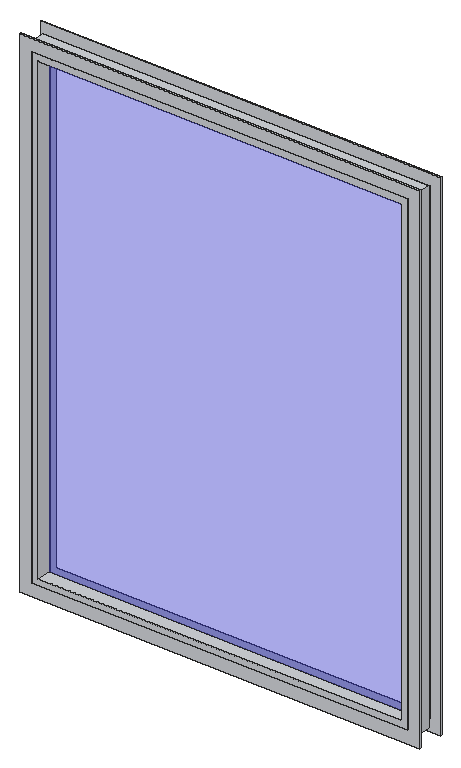
Revit family "8325S_Fixed", category Windows, host Wall, Revit 2023
Family settings
  Host = Wall
  OmniClass Number = 23.30.20.00
  OmniClass Title = Windows
  Always vertical = Yes
  Cut with Voids When Loaded = No
  Shared = No
  Room Calculation Point = No
Parameters
  Height = 5' - 0"
  Glass Material = Glass
  Frame Material = none
  Depth From Exterior = 0' - 1"
  Default Sill Height = 3' - 0"
  Wall Closure = By host
  Width = 4' - 0"
Reference planes (in)
  plane 1 "Center (Front/Back)": y = 0
  plane 2: z = 0
  plane 3 "Center (Left/Right)": x = 0
  plane 4 "Left": x = -24
  plane 5 "Right": x = 24
  plane 6 "Sill": z = 36
  plane 7 "Top": z = 96
  plane 8: y = 2
  plane 9: y = 3
  plane 10: y = 0.28117
  plane 11: y = -1.25692
Forms (in)
  Sweep 1, solid
    path origin (0, 0, 0) x (1, 0, 0) y (0, 0, 1)
      loop
        line (24, 36) -> (24, 96) -> (-24, 96) -> (-24, 36) -> (24, 36)
    profile origin (0, 0, 36) x (0, 0, -1) y (0, -1, 0)
      loop
        line (0, -2) -> (0, -1.875) -> (-1.31671, -1.875) -> (-1.31671, -1.15496) -> (-0.82575, -1.15496) -> (-0.82575, 0.41188) -> (-1.16331, 0.41188) -> (-1.16331, 0.62067) -> (-0.98652, 0.62067) -> (-0.98652, 0.94067) -> (-1.16331, 0.94067) -> (-1.16331, 1.13192) -> (0, 1.13192) -> (0, 1.25692) -> (-1.44174, 1.25692) -> (-1.44174, -1.37528) -> (-2.20628, -1.37528) -> (-1.58156, -2) -> (0, -2)
  Sweep 2, solid
    path origin (0, 0, 0) x (1, 0, 0) y (0, 0, 1)
      loop
        line (-22.55826, 37.44174) -> (22.55826, 37.44174) -> (22.55826, 94.55826) -> (-22.55826, 94.55826) -> (-22.55826, 37.44174)
    profile origin (0, 0, 37.44174) x (0, 0, 1) y (0, -1, 0)
      loop
        line (0, 1.25692) -> (0, 0.56891) -> (0.36001, -0.00722) -> (0.36001, -0.1484) -> (0.30681, -0.1484) -> (0.30681, -0.28117) -> (0.75001, -0.28117) -> (0.75001, 1.25692) -> (0, 1.25692)
  Sweep 3, solid, material "Glass" <- "Glass Material"
    path origin (0, 0, 0) x (0, 1, 0) y (0, 0, 1)
      loop
        line (1.37528, 37.44174) -> (1.37528, 94.55826)
    profile origin (0, 1.37528, 66) x (0, -1, 0) y (1, 0, 0)
      loop
        line (0, -22.55826) -> (0.25, -22.55826) -> (0.25, 22.55826) -> (0, 22.55826) -> (0, -22.55826)
      loop
        line (0.75, -22.55826) -> (1, -22.55826) -> (1, 22.55826) -> (0.75, 22.55826) -> (0.75, -22.55826)
Lines and regions (in)
  Opening 1
    outline origin (-60, -3, 0) x (1, 0, 0) y (0, 0, 1)
      loop
        line (36, 96) -> (36, 36) -> (84, 36) -> (84, 96) -> (36, 96)
Text (in)
  text "EXTERIOR" at (-58.6888, 50.90694, 0), in view "Ref. Level"
  text "INTERIOR" at (-58.6888, -37.76638, 0), in view "Ref. Level"
  text "Exterior" at (0, 43.65631, 123.19604), in view "Left"
  text "Exterior" at (0, 18.29385, 125.04747), in view "Right"
Dimensions and locks (in)
  equal spacing: plane 4 "Left", plane 3 "Center (Left/Right)", plane 5 "Right"
  "Height": plane 6 "Sill" to plane 7 "Top"
  "Default Sill Height": plane 2 to plane 6 "Sill"
  "Width": plane 4 "Left" to plane 5 "Right"
  "Depth From Exterior": plane 9 to plane 8
  locked: plane 10 to plane 11 at 1.53809
  locked: plane 8 to plane 11 at 3.25692
  aligned and locked: plane 7 "Top" to Opening 1 sketch curve
  aligned and locked: plane 6 "Sill" to Opening 1 sketch curve  (x2)
  aligned and locked: plane 5 "Right" to Opening 1 sketch curve
  aligned and locked: plane 4 "Left" to Opening 1 sketch curve
  aligned and locked: level to plane 2
  aligned and locked: plane 6 "Sill" to Sweep 1 sketch curve
  aligned and locked: plane 4 "Left" to Sweep 1 sketch curve
  aligned and locked: Sweep 1 sketch curve to plane 7 "Top"
  aligned and locked: Sweep 1 sketch curve to plane 5 "Right"
  aligned and locked: Sweep 2 sketch curve to Sweep 1  (x4)
  aligned and locked: Sweep 3 sketch curve to Sweep 1  (x5)
  aligned and locked: plane 9 to host wall
  aligned and locked: plane 8 to Sweep 1
  aligned and locked: plane 11 to Sweep 2
  aligned and locked: plane 11 to Sweep 1
  aligned and locked: plane 10 to Sweep 2
Automatic sketch dimensions
  profile plane to Sweep 1 sketch curve = 0' - 2.20628"
  Sweep 1 sketch curve to Sweep 1 sketch curve = 0' - 0.76454"
  Sweep 1 sketch curve to Sweep 1 sketch curve = 0' - 0.12503"
  Sweep 1 sketch curve to Sweep 1 sketch curve = 0' - 0.27842"  (x2)
  Sweep 1 sketch curve to Sweep 1 sketch curve = 0' - 0.17679"
  Sweep 1 sketch curve to Sweep 1 sketch curve = 0' - 0.49095"
  Sweep 1 sketch curve to Sweep 1 sketch curve = 0' - 0.98652"
  Sweep 1 sketch curve to Sweep 1 sketch curve = 0' - 0.82575"
  Sweep 1 sketch curve to plane 1 "Center (Front/Back)" = 0' - 1 7/8"
  Sweep 1 sketch curve to Sweep 1 sketch curve = 0' - 0.49972"
  Sweep 1 sketch curve to Sweep 1 sketch curve = 0' - 0.22032"
  Sweep 1 sketch curve to Sweep 1 sketch curve = 0' - 1.56684"
  Sweep 1 sketch curve to Sweep 1 sketch curve = 0' - 0.20879"
  Sweep 1 sketch curve to Sweep 1 sketch curve = 0' - 0.32"
  Sweep 1 sketch curve to Sweep 1 sketch curve = 0' - 0.19125"
  Sweep 1 sketch curve to Sweep 1 sketch curve = 0' - 0 1/8"  (x2)
  Sweep 1 sketch curve to Sweep 1 sketch curve = 0' - 0.26485"
  Sweep 2 sketch curve to profile plane = 0' - 0.30681"
  Sweep 2 sketch curve to Sweep 2 sketch curve = 0' - 0.0532"
  Sweep 2 sketch curve to Sweep 2 sketch curve = 0' - 0.39"
  Sweep 2 sketch curve to plane 1 "Center (Front/Back)" = 0' - 0.28117"
  Sweep 2 sketch curve to Sweep 2 sketch curve = 0' - 0.13277"
  Sweep 2 sketch curve to Sweep 2 sketch curve = 0' - 0.14118"
  Sweep 2 sketch curve to Sweep 2 sketch curve = 0' - 1.26414"
  Sweep 2 sketch curve to Sweep 2 sketch curve = 0' - 0 3/4"
  Sweep 2 sketch curve to Sweep 2 sketch curve = 0' - 0.57613"
  Sweep 3 sketch curve to plane 6 "Sill" = 0' - 1.44174"
  plane 7 "Top" to Sweep 3 sketch curve = 0' - 1.44174"
  profile plane to Sweep 3 sketch curve = 0' - 0"
  Sweep 3 sketch curve to Sweep 3 sketch curve = 0' - 0 1/4"  (x2)
  Sweep 3 sketch curve to Sweep 3 sketch curve = 0' - 0 3/4"
